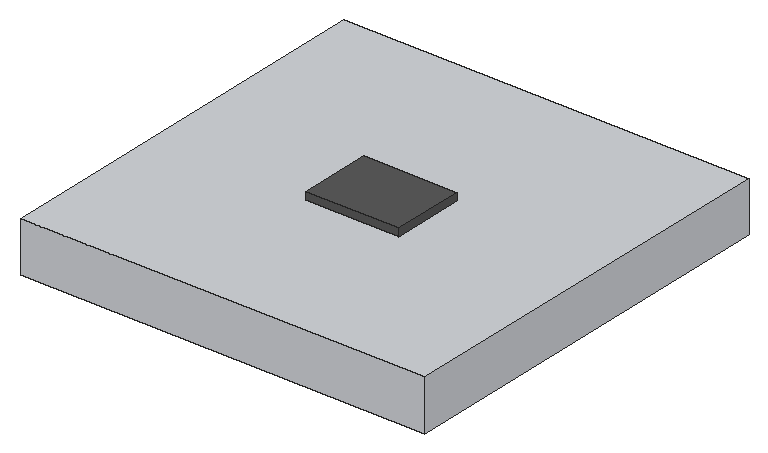
Revit family "r2018_videomax_videoserver_stoechnogo_ispolneniya", category Устройства связи, Revit 2018
Family settings
  Основа = Грань
  Сохранять ориентацию аннотаций = Да
  Размер круглого соединителя = Использовать диаметр
  Тип детали = Нормальный
  При загрузке вырезать с полостями = Нет
  Общий = Нет
  Точка расчета площади = Нет
Parameters (values of type "19” 1U (1DTS)")
  Указания по монтажу = "Параметры салазок 19” в комплекте с изделием: расстояние между профилями 605-915 мм, габариты в сложенном состоянии 710 мм"
  Тип линейки = "PRO"
  Модель = ""
  Стоимость = 0
  Default Elevation = 0 mm  # constant formula
  Минимальная глубина шкафа, мм = 1000
  Максимальное тепловыделение, BTU/h = Максимальная потребляемая мощность Вт * 3.412  # 0
  Максимальная потребляемая мощность Вт = 0
  Максимальная мощность БП, Вт = 0
  Количество интерфейсов Gigabit LAN, шт = 2
  Количество интерфейсов 10 Gigabit LAN, шт = 0
  Количество входов 230V, шт = 2
  Количество IP-камер. шт = 0
  Изображение типоразмера = 19 (1U) Short.png
  Изготовитель = "ООО «Видеомакс»"  # constant formula
  Ширина = 438 mm
  Глубина = 560 mm
  Высота в U = 1
  Высота = 44 mm
  URL = "https://www.videomax-server.ru/"
  Material = Черный
  LOD 500 [instance] = yes
  LOD 300 [instance] = yes
  Front = videomax_19pro1u : Front
  Back = videomax_19pro1u : Back
  ADSK_Этаж [instance] = ""
  ADSK_Ток = 0 A
  ADSK_Примечание [instance] = ""
  ADSK_Позиция [instance] = ""
  ADSK_Обозначение = "19\" 1U (1DTS)"
  ADSK_Номинальная мощность = 0 VA
  ADSK_Напряжение = 230 V
  ADSK_Наименование = "Видеосервер стоечного исполнения 19\" 1U (1DTS)"
  ADSK_Масса = 0
  ADSK_Марка = "VIDEOMAX-IP"  # constant formula
  ADSK_Коэффициент мощности = 0.96
  ADSK_Количество = 1  # constant formula
  ADSK_Код изделия = "ТУ 26.20.15-002-37165186-2020"  # constant formula
  ADSK_Классификация нагрузок = none
  ADSK_Завод-изготовитель = "ООО «Видеомакс»"  # constant formula
  ADSK_Единица измерения = "шт."  # constant formula
  ADSK_Версия семейства = "v3"  # constant formula
  ADSK_Версия Revit = "2018"  # constant formula
  4u4ets_300 [instance] = and([19” 4U (4ETS)], LOD 300)  # no
  4u4et_300 [instance] = and([19” 4U (4ET)], LOD 300)  # no
  4u4a_300 [instance] = and([19” 4U (4A)], LOD 300)  # no
  3s3n_300 [instance] = and([19” 3U (3S, 3N)], LOD 300)  # no
  3ets_300 [instance] = and([19” 3U (3ETS)], LOD 300)  # no
  3et_300 [instance] = and([19” 3U (3ET)], LOD 300)  # no
  2s_300 [instance] = and([19” 2U (2S)], LOD 300)  # no
  2f_300 [instance] = and([19” 2U (2F)], LOD 300)  # no
  2ets_300 [instance] = and([19” 2U (2ETS)], LOD 300)  # no
  2et_300 [instance] = and([19” 2U (2ET)], LOD 300)  # no
  1ets [instance] = and([19” 1U (1DTS)], LOD 300)  # yes
  1et [instance] = and([19” 1U (1DT)], LOD 300)  # no
  19” 4U (4ETS) = no
  19” 4U (4ET) = no
  19” 4U (4A) = no
  19” 3U (3S, 3N) = no
  19” 3U (3ETS) = no
  19” 3U (3ET) = no
  19” 2U (2S) = no
  19” 2U (2F) = no
  19” 2U (2ETS) = no
  19” 2U (2ET) = no
  19” 1U (1DTS) = yes
  19” 1U (1DT) = no
Reference planes
  plane 1 "По центру (Вперед/Назад)": y = 0
  plane 2: z = 0
  plane 3 "По центру (Влево/Вправо)": x = 0.038
  plane 4: z = 0
  plane 5: y = 219
  plane 6: x = -279.962
  plane 7: y = -219
  plane 8: x = 280.038
Forms (mm)
  Extrusion 1, solid
    sketch origin (-0.8, 20.8, 0) x (1, 0, 0) y (0, 1, 0)
      loop
        line (-1219.2, 1219.2) -> (-1219.2, -1219.2) -> (1219.2, -1219.2) -> (1219.2, 1219.2) -> (-1219.2, 1219.2)
    from 0 to -304.8
  Extrusion 2, solid, material "Черный" <- "Material", detail levels medium+fine
    sketch origin (-479.93, -78.661, 0) x (1, 0, 0) y (0, 1, 0)
      loop
        line (199.968, 297.661) -> (199.968, -140.339) -> (759.968, -140.339) -> (759.968, 297.661) -> (199.968, 297.661)
    from 0 to 44
Lines and regions (mm)
  model lines, detail levels coarse
    curve 1: line (-279.962, 219, 0) -> (280.038, 219, 0)
    curve 2: line (280.038, 219, 0) -> (280.038, -219, 0)
    curve 3: line (280.038, -219, 0) -> (-279.962, -219, 0)
    curve 4: line (-279.962, -219, 0) -> (-279.962, 219, 0)
Dimensions and locks
  equal spacing: plane 8, plane 3 "По центру (Влево/Вправо)", plane 6
  "Глубина": plane 8 to plane 6
  equal spacing: plane 5, plane 1 "По центру (Вперед/Назад)", plane 7
  "Ширина": plane 5 to plane 7
  "Высота": Extrusion 2 to Extrusion 2
  aligned and locked: plane 2 to Extrusion 1
  aligned and locked: level to Extrusion 1
  aligned and locked: plane 5 to Extrusion 2
  aligned and locked: Extrusion 2 to plane 7
  aligned and locked: Extrusion 2 to plane 8
  aligned and locked: plane 6 to Extrusion 2
  aligned and locked: plane 1 "По центру (Вперед/Назад)" to nested 1
  aligned and locked: nested 1 to level
  aligned and locked: nested 2 to plane 1 "По центру (Вперед/Назад)"
  aligned and locked: nested 2 to level
Automatic sketch dimensions
  Extrusion 1 sketch curve to Extrusion 1 sketch curve = 2438.4 mm  (x2)
  Extrusion 2 sketch curve to plane 6 = 0 mm
  plane 7 to Extrusion 2 sketch curve = 0 mm
  Extrusion 2 sketch curve to plane 8 = 0 mm
  plane 5 to Extrusion 2 sketch curve = 0 mm
  curve 3 to curve 3 = 560 mm
  curve 2 to curve 2 = 438 mm
  plane 5 to curve 4 = 0 mm
  curve 3 to plane 6 = 0 mm
  plane 7 to curve 2 = 0 mm
  curve 1 to plane 8 = 0 mm
Nested families
  nested 1: "videomax_19pro1u" at (-279.962, 0, 0) x (0, -1, 0) z (-1, 0, 0), a setting <- "Front", LOD500 <- "LOD 500", type ""
    with Right_500 no, Left_500 no, LOD500 yes, Front_500 yes, Back_500 no
  nested 2: "videomax_19pro1u" at (280.038, 0, 0) x (0, 1, 0) z (1, 0, 0), a setting <- "Back", LOD500 <- "LOD 500", type "Back"
    with Right_500 no, Left_500 no, LOD500 yes, Front_500 no, Back_500 yes
Connectors
  electrical at (0.038, 0, 0), driven by "ADSK_Напряжение", driven by "ADSK_Номинальная мощность", driven by "ADSK_Коэффициент мощности"
    settings: on Extrusion 2, index 1, voltage 230 V, apparent load 0 VA, apparent load phase1 0 VA, apparent load phase2 0 VA, apparent load phase3 0 VA, power factor 0.96, load classification "Прочее", number of poles 1, system type 30, power factor state 0, is connector primary yes, connector utility yes, sub classification motor no, connector description ""
Definition of nested family "videomax_19pro1u"
  Parameters (values of type "Back")
    Default Elevation = 1219.2 mm
    Right_500 [instance] = and(Right, LOD500)  # no
    Right = no
    Left_500 [instance] = and(Left, LOD500)  # no
    Left = no
    LOD500 [instance] = yes
    Front_500 [instance] = and(Front, LOD500)  # no
    Front = no
    Back_500 [instance] = and(Back, LOD500)  # yes
    Back = yes
  Types (2, lengths in mm): name | Front_500 | Front | Back_500 | Back
    Front | yes | yes | no | no
    Back | no | no | yes | yes
  Reference planes
    plane 1 "По центру (Вперед/Назад)": y = 0
    plane 2: z = 0
    plane 3 "По центру (Влево/Вправо)": x = 0
  Lines and regions (mm)
    model lines, visible <- "Left_500", detail levels fine
      curve 1: line (-127.342, 1355.336, 0) -> (-687.306, 1355.336, 0)
      curve 2: line (-687.306, 1355.336, 0) -> (-687.306, 1267.336, 0)
      curve 3: line (-687.306, 1267.336, 0) -> (-127.342, 1267.336, 0)
      curve 4: line (-129.342, 1267.336, 0) -> (-129.342, 1355.336, 0)
      curve 5: line (-127.342, 1267.336, 0) -> (-127.342, 1355.336, 0)
    model lines, visible <- "Right_500", detail levels fine
      curve 6: line (647.531, 1355.336, 0) -> (1207.495, 1355.336, 0)
      curve 7: line (1207.495, 1355.336, 0) -> (1207.495, 1267.336, 0)
      curve 8: line (1207.495, 1267.336, 0) -> (647.531, 1267.336, 0)
      curve 9: line (649.53, 1267.336, 0) -> (649.53, 1355.336, 0)
      curve 10: line (647.531, 1267.336, 0) -> (647.531, 1355.336, 0)
    model lines, visible <- "Back_500", detail levels fine
      curve 11: circle (-90.127, 34.522, 0) r 1.91 normal (0, 0, 1)
      curve 12: circle (-86.013, 31.256, 0) r 1.91 normal (0, 0, 1)
      curve 13: circle (-90.127, 27.86, 0) r 1.91 normal (0, 0, 1)
      curve 14: circle (-90.127, 20.72, 0) r 1.91 normal (0, 0, 1)
      curve 15: circle (-86.013, 24.116, 0) r 1.91 normal (0, 0, 1)
      curve 16: circle (-81.9, 34.617, 0) r 1.91 normal (0, 0, 1)
      curve 17: circle (-81.9, 27.954, 0) r 1.91 normal (0, 0, 1)
      curve 18: circle (-81.9, 20.815, 0) r 1.91 normal (0, 0, 1)
      curve 19: circle (-77.786, 31.35, 0) r 1.91 normal (0, 0, 1)
      curve 20: circle (-77.786, 24.21, 0) r 1.91 normal (0, 0, 1)
      curve 21: circle (-73.672, 34.711, 0) r 1.91 normal (0, 0, 1)
      curve 22: circle (-73.672, 28.048, 0) r 1.91 normal (0, 0, 1)
      curve 23: circle (-73.672, 20.909, 0) r 1.91 normal (0, 0, 1)
      curve 24: circle (-69.559, 31.35, 0) r 1.91 normal (0, 0, 1)
      curve 25: circle (-69.559, 24.21, 0) r 1.91 normal (0, 0, 1)
      curve 26: circle (-65.445, 34.711, 0) r 1.91 normal (0, 0, 1)
      curve 27: circle (-65.445, 28.048, 0) r 1.91 normal (0, 0, 1)
      curve 28: circle (-65.445, 20.909, 0) r 1.91 normal (0, 0, 1)
      curve 29: circle (-61.331, 31.303, 0) r 1.91 normal (0, 0, 1)
      curve 30: circle (-61.331, 24.163, 0) r 1.91 normal (0, 0, 1)
      curve 31: circle (-57.217, 34.664, 0) r 1.91 normal (0, 0, 1)
      curve 32: circle (-57.217, 28.001, 0) r 1.91 normal (0, 0, 1)
      curve 33: circle (-57.217, 20.862, 0) r 1.91 normal (0, 0, 1)
      curve 34: circle (-53.104, 31.256, 0) r 1.91 normal (0, 0, 1)
      curve 35: circle (-53.104, 24.116, 0) r 1.91 normal (0, 0, 1)
      curve 36: circle (-48.99, 34.617, 0) r 1.91 normal (0, 0, 1)
      curve 37: circle (-48.99, 27.954, 0) r 1.91 normal (0, 0, 1)
      curve 38: circle (-48.99, 20.815, 0) r 1.91 normal (0, 0, 1)
      curve 39: circle (-44.876, 31.35, 0) r 1.91 normal (0, 0, 1)
      curve 40: circle (-44.876, 24.21, 0) r 1.91 normal (0, 0, 1)
      curve 41: circle (-40.762, 34.711, 0) r 1.91 normal (0, 0, 1)
      curve 42: circle (-40.762, 28.048, 0) r 1.91 normal (0, 0, 1)
      curve 43: circle (-40.762, 20.909, 0) r 1.91 normal (0, 0, 1)
      curve 44: circle (-36.649, 31.35, 0) r 1.91 normal (0, 0, 1)
      curve 45: circle (-36.649, 24.21, 0) r 1.91 normal (0, 0, 1)
      curve 46: circle (-32.535, 34.711, 0) r 1.91 normal (0, 0, 1)
      curve 47: circle (-32.535, 28.048, 0) r 1.91 normal (0, 0, 1)
      curve 48: circle (-32.535, 20.909, 0) r 1.91 normal (0, 0, 1)
      curve 49: circle (-28.421, 31.303, 0) r 1.91 normal (0, 0, 1)
      curve 50: circle (-28.421, 24.163, 0) r 1.91 normal (0, 0, 1)
      curve 51: circle (-24.307, 34.664, 0) r 1.91 normal (0, 0, 1)
      curve 52: circle (-24.307, 28.001, 0) r 1.91 normal (0, 0, 1)
      curve 53: circle (-24.307, 20.862, 0) r 1.91 normal (0, 0, 1)
      curve 54: circle (11.903, 34.664, 0) r 1.91 normal (0, 0, 1)
      curve 55: circle (11.903, 28.001, 0) r 1.91 normal (0, 0, 1)
      curve 56: circle (16.017, 31.397, 0) r 1.91 normal (0, 0, 1)
      curve 57: circle (20.131, 34.758, 0) r 1.91 normal (0, 0, 1)
      curve 58: circle (20.131, 28.096, 0) r 1.91 normal (0, 0, 1)
      curve 59: circle (24.244, 31.491, 0) r 1.91 normal (0, 0, 1)
      curve 60: circle (28.358, 34.852, 0) r 1.91 normal (0, 0, 1)
      curve 61: circle (28.358, 28.19, 0) r 1.91 normal (0, 0, 1)
      curve 62: circle (32.472, 31.491, 0) r 1.91 normal (0, 0, 1)
      curve 63: circle (36.586, 34.852, 0) r 1.91 normal (0, 0, 1)
      curve 64: circle (36.586, 28.19, 0) r 1.91 normal (0, 0, 1)
      curve 65: circle (40.699, 31.444, 0) r 1.91 normal (0, 0, 1)
      curve 66: circle (44.813, 34.805, 0) r 1.91 normal (0, 0, 1)
      curve 67: circle (44.813, 28.143, 0) r 1.91 normal (0, 0, 1)
      curve 68: circle (48.927, 31.397, 0) r 1.91 normal (0, 0, 1)
      curve 69: circle (53.041, 34.758, 0) r 1.91 normal (0, 0, 1)
      curve 70: circle (53.041, 28.096, 0) r 1.91 normal (0, 0, 1)
      curve 71: circle (57.154, 31.491, 0) r 1.91 normal (0, 0, 1)
      curve 72: circle (61.268, 34.852, 0) r 1.91 normal (0, 0, 1)
      curve 73: circle (61.268, 28.19, 0) r 1.91 normal (0, 0, 1)
      curve 74: circle (101.34, 28.012, 0) r 1.924 normal (0, 0, 1)
      curve 75: circle (105.368, 24.569, 0) r 1.924 normal (0, 0, 1)
      curve 76: circle (109.397, 27.965, 0) r 1.924 normal (0, 0, 1)
      curve 77: circle (113.425, 24.758, 0) r 1.924 normal (0, 0, 1)
      curve 78: circle (117.454, 28.154, 0) r 1.924 normal (0, 0, 1)
      curve 79: circle (121.482, 24.947, 0) r 1.924 normal (0, 0, 1)
      curve 80: circle (125.511, 28.06, 0) r 1.924 normal (0, 0, 1)
      curve 81: circle (129.539, 24.852, 0) r 1.924 normal (0, 0, 1)
      curve 82: circle (133.568, 28.201, 0) r 1.924 normal (0, 0, 1)
      curve 83: circle (137.596, 24.994, 0) r 1.924 normal (0, 0, 1)
      curve 84: circle (141.625, 27.965, 0) r 1.924 normal (0, 0, 1)
      curve 85: circle (145.653, 24.758, 0) r 1.924 normal (0, 0, 1)
      curve 86: circle (149.682, 28.154, 0) r 1.924 normal (0, 0, 1)
      curve 87: circle (153.71, 24.947, 0) r 1.924 normal (0, 0, 1)
      curve 88: circle (157.739, 28.06, 0) r 1.924 normal (0, 0, 1)
      curve 89: circle (161.767, 24.852, 0) r 1.924 normal (0, 0, 1)
      curve 90: circle (165.796, 27.965, 0) r 1.924 normal (0, 0, 1)
      curve 91: circle (169.824, 24.758, 0) r 1.924 normal (0, 0, 1)
      curve 92: circle (173.853, 28.154, 0) r 1.924 normal (0, 0, 1)
      curve 93: circle (177.881, 24.947, 0) r 1.924 normal (0, 0, 1)
      curve 94: circle (181.91, 28.248, 0) r 1.924 normal (0, 0, 1)
      curve 95: circle (98.311, 13.606, 0) r 1.91 normal (0, 0, 1)
      curve 96: circle (98.311, 6.943, 0) r 1.91 normal (0, 0, 1)
      curve 97: circle (102.424, 10.339, 0) r 1.91 normal (0, 0, 1)
      curve 98: circle (106.538, 13.7, 0) r 1.91 normal (0, 0, 1)
      curve 99: circle (106.538, 7.038, 0) r 1.91 normal (0, 0, 1)
      curve 100: circle (110.652, 10.433, 0) r 1.91 normal (0, 0, 1)
      curve 101: circle (114.766, 13.7, 0) r 1.91 normal (0, 0, 1)
      curve 102: circle (114.766, 7.038, 0) r 1.91 normal (0, 0, 1)
      curve 103: circle (118.879, 10.433, 0) r 1.91 normal (0, 0, 1)
      curve 104: circle (122.993, 13.794, 0) r 1.91 normal (0, 0, 1)
      curve 105: circle (122.993, 7.132, 0) r 1.91 normal (0, 0, 1)
      curve 106: circle (127.107, 10.528, 0) r 1.91 normal (0, 0, 1)
      curve 107: circle (131.221, 13.606, 0) r 1.91 normal (0, 0, 1)
      curve 108: circle (131.221, 6.943, 0) r 1.91 normal (0, 0, 1)
      curve 109: circle (135.334, 10.339, 0) r 1.91 normal (0, 0, 1)
      curve 110: circle (139.448, 13.7, 0) r 1.91 normal (0, 0, 1)
      curve 111: circle (139.448, 7.038, 0) r 1.91 normal (0, 0, 1)
      curve 112: circle (143.562, 10.433, 0) r 1.91 normal (0, 0, 1)
      curve 113: circle (147.675, 13.7, 0) r 1.91 normal (0, 0, 1)
      curve 114: circle (147.675, 7.038, 0) r 1.91 normal (0, 0, 1)
      curve 115: circle (151.789, 10.433, 0) r 1.91 normal (0, 0, 1)
      curve 116: circle (155.903, 13.794, 0) r 1.91 normal (0, 0, 1)
      curve 117: circle (155.903, 7.132, 0) r 1.91 normal (0, 0, 1)
      curve 118: circle (160.016, 10.528, 0) r 1.91 normal (0, 0, 1)
      curve 119: circle (164.13, 13.7, 0) r 1.91 normal (0, 0, 1)
      curve 120: circle (164.13, 7.038, 0) r 1.91 normal (0, 0, 1)
      curve 121: circle (168.244, 10.433, 0) r 1.91 normal (0, 0, 1)
      curve 122: circle (172.358, 13.794, 0) r 1.91 normal (0, 0, 1)
      curve 123: circle (172.358, 7.132, 0) r 1.91 normal (0, 0, 1)
      curve 124: circle (176.471, 10.528, 0) r 1.91 normal (0, 0, 1)
      curve 125: circle (180.585, 13.653, 0) r 1.91 normal (0, 0, 1)
      curve 126: circle (180.585, 6.99, 0) r 1.91 normal (0, 0, 1)
      curve 127: circle (184.699, 10.386, 0) r 1.91 normal (0, 0, 1)
      curve 128: circle (188.813, 13.747, 0) r 1.91 normal (0, 0, 1)
      curve 129: circle (188.813, 7.085, 0) r 1.91 normal (0, 0, 1)
      curve 130: circle (192.926, 10.481, 0) r 1.91 normal (0, 0, 1)
      curve 131: circle (197.04, 13.7, 0) r 1.91 normal (0, 0, 1)
      curve 132: circle (197.04, 7.038, 0) r 1.91 normal (0, 0, 1)
      curve 133: circle (201.154, 10.433, 0) r 1.91 normal (0, 0, 1)
      curve 134: circle (205.268, 13.794, 0) r 1.91 normal (0, 0, 1)
      curve 135: circle (205.268, 7.132, 0) r 1.91 normal (0, 0, 1)
      curve 136: circle (209.381, 10.528, 0) r 1.91 normal (0, 0, 1)
      curve 137: circle (213.495, 13.653, 0) r 1.91 normal (0, 0, 1)
      curve 138: circle (213.495, 6.99, 0) r 1.91 normal (0, 0, 1)
      curve 139: circle (209.48, 17.419, 0) r 1.91 normal (0, 0, 1)
      curve 140: circle (212.687, 21.533, 0) r 1.91 normal (0, 0, 1)
      curve 141: circle (209.291, 25.646, 0) r 1.91 normal (0, 0, 1)
      curve 142: circle (206.024, 21.533, 0) r 1.91 normal (0, 0, 1)
      curve 143: circle (-78.638, 9.239, 0) r 1.743 normal (0, 0, 1)
      curve 144: circle (-56.377, 9.239, 0) r 1.743 normal (0, 0, 1)
      curve 145: circle (-44.348, 9.239, 0) r 1.743 normal (0, 0, 1)
      curve 146: circle (-22.087, 9.239, 0) r 1.743 normal (0, 0, 1)
      curve 147: arc (-60.717, 12.758, 0) -> (-60.203, 12.397, 0) -> (-60.179, 11.769, 0) r 0.707
      curve 148: arc (-60.83, 6.525, 0) -> (-61.172, 5.912, 0) -> (-61.846, 5.719, 0) r 0.92
      curve 149: arc (-73.013, 5.719, 0) -> (-73.622, 5.995, 0) -> (-73.924, 6.591, 0) r 1.008
      curve 150: arc (-74.838, 11.649, 0) -> (-74.741, 12.422, 0) -> (-74.038, 12.758, 0) r 0.812
      curve 151: arc (-26.428, 12.758, 0) -> (-25.914, 12.397, 0) -> (-25.89, 11.769, 0) r 0.707
      curve 152: arc (-26.54, 6.525, 0) -> (-26.882, 5.912, 0) -> (-27.557, 5.719, 0) r 0.92
      curve 153: arc (-38.724, 5.719, 0) -> (-39.332, 5.995, 0) -> (-39.634, 6.591, 0) r 1.008
      curve 154: arc (-40.548, 11.649, 0) -> (-40.452, 12.422, 0) -> (-39.749, 12.758, 0) r 0.812
      curve 155: circle (-213.875, 18.447, 0) r 3.066 normal (0, 0, 1)
      curve 156: arc (-189.505, 37.888, 0) -> (-186.464, 40.972, 0) -> (-183.423, 37.888, 0) r 3.041
      curve 157: arc (-183.423, 4.869, 0) -> (-186.464, 1.955, 0) -> (-189.505, 4.869, 0) r 3.044
      curve 158: arc (-202.019, 31.523, 0) -> (-203.809, 15.817, 0) -> (-189.505, 9.087, 0) r 13.561
      curve 159: arc (-197.659, 27.163, 0) -> (-198.049, 18.193, 0) -> (-189.505, 15.434, 0) r 7.409
      curve 160: arc (-199.175, 28.678, 0) -> (-200.06, 17.366, 0) -> (-189.505, 13.2, 0) r 9.545
      curve 161: arc (-200.048, 29.551, 0) -> (-201.214, 16.889, 0) -> (-189.505, 11.93, 0) r 10.777
      curve 162: arc (-189.505, 32.915, 0) -> (-194.593, 32.874, 0) -> (-199.096, 30.504, 0) r 10.777
      curve 163: arc (-182.864, 32.475, 0) -> (-183.14, 32.719, 0) -> (-183.423, 32.955, 0) r 13.561
      curve 164: arc (-183.423, 15.851, 0) -> (-181.188, 22.423, 0) -> (-183.423, 28.994, 0) r 10.777
      curve 165: arc (-181.912, 13.322, 0) -> (-181.472, 13.833, 0) -> (-181.058, 14.365, 0) r 13.561
      curve 166: arc (-183.423, 18.164, 0) -> (-182.421, 22.423, 0) -> (-183.423, 26.681, 0) r 9.545
      curve 167: arc (-189.505, 29.411, 0) -> (-193.277, 29.714, 0) -> (-196.707, 28.115, 0) r 7.409
      curve 168: arc (-183.423, 11.891, 0) -> (-183.14, 12.126, 0) -> (-182.864, 12.37, 0) r 13.561
      curve 169: arc (-189.505, 31.645, 0) -> (-194.114, 31.722, 0) -> (-198.222, 29.63, 0) r 9.545
      curve 170: arc (-189.505, 35.758, 0) -> (-195.67, 35.468, 0) -> (-201.067, 32.475, 0) r 13.561
      curve 171: arc (-181.058, 30.48, 0) -> (-181.472, 31.012, 0) -> (-181.912, 31.523, 0) r 13.561
      curve 172: arc (-181.058, 30.48, 0) -> (-180.394, 32.221, 0) -> (-178.722, 33.045, 0) r 2.549
      curve 173: arc (-160.016, 33.045, 0) -> (-158.063, 32.376, 0) -> (-157.246, 30.48, 0) r 2.55
      curve 174: arc (-157.246, 4.695, 0) -> (-157.878, 2.698, 0) -> (-159.786, 1.83, 0) r 2.577
      curve 175: arc (-178.485, 1.83, 0) -> (-180.413, 2.686, 0) -> (-181.058, 4.695, 0) r 2.581
      curve 176: arc (-172.846, 5.285, 0) -> (-171.966, 4.626, 0) -> (-170.882, 4.448, 0) r 2.308
      curve 177: arc (-161.361, 4.448, 0) -> (-160.397, 4.742, 0) -> (-160.104, 5.705, 0) r 1.072
      curve 178: arc (-160.104, 29.465, 0) -> (-160.395, 30.14, 0) -> (-161.071, 30.432, 0) r 0.997
      curve 179: arc (-171.324, 30.432, 0) -> (-172.148, 30.202, 0) -> (-172.803, 29.653, 0) r 2.028
      curve 180: arc (-135.715, 37.888, 0) -> (-132.674, 40.972, 0) -> (-129.633, 37.888, 0) r 3.041
      curve 181: arc (-129.633, 4.869, 0) -> (-132.674, 1.955, 0) -> (-135.715, 4.869, 0) r 3.044
      curve 182: arc (-148.229, 31.523, 0) -> (-150.018, 15.817, 0) -> (-135.715, 9.087, 0) r 13.561
      curve 183: arc (-129.633, 11.891, 0) -> (-129.35, 12.126, 0) -> (-129.074, 12.37, 0) r 13.561
      curve 184: arc (-128.121, 13.322, 0) -> (-127.682, 13.833, 0) -> (-127.268, 14.365, 0) r 13.561
      curve 185: arc (-127.268, 30.48, 0) -> (-127.682, 31.012, 0) -> (-128.121, 31.523, 0) r 13.561
      curve 186: arc (-129.074, 32.475, 0) -> (-129.35, 32.719, 0) -> (-129.633, 32.955, 0) r 13.561
      curve 187: arc (-135.715, 35.758, 0) -> (-141.88, 35.468, 0) -> (-147.277, 32.475, 0) r 13.561
      curve 188: arc (-143.869, 27.163, 0) -> (-144.259, 18.193, 0) -> (-135.715, 15.434, 0) r 7.409
      curve 189: arc (-135.715, 29.411, 0) -> (-139.487, 29.714, 0) -> (-142.917, 28.115, 0) r 7.409
      curve 190: arc (-145.384, 28.678, 0) -> (-146.27, 17.366, 0) -> (-135.715, 13.2, 0) r 9.545
      curve 191: arc (-129.633, 18.164, 0) -> (-128.631, 22.423, 0) -> (-129.633, 26.681, 0) r 9.545
      curve 192: arc (-135.715, 31.645, 0) -> (-140.324, 31.722, 0) -> (-144.432, 29.63, 0) r 9.545
      curve 193: arc (-146.258, 29.551, 0) -> (-147.424, 16.889, 0) -> (-135.715, 11.93, 0) r 10.777
      curve 194: arc (-129.633, 15.851, 0) -> (-127.398, 22.423, 0) -> (-129.633, 28.994, 0) r 10.777
      curve 195: arc (-135.715, 32.915, 0) -> (-140.803, 32.874, 0) -> (-145.306, 30.504, 0) r 10.777
      curve 196: arc (-127.268, 30.48, 0) -> (-126.604, 32.221, 0) -> (-124.932, 33.045, 0) r 2.549
      curve 197: arc (-106.226, 33.045, 0) -> (-104.273, 32.376, 0) -> (-103.456, 30.48, 0) r 2.55
      curve 198: arc (-103.456, 4.695, 0) -> (-104.088, 2.698, 0) -> (-105.996, 1.83, 0) r 2.577
      curve 199: arc (-124.695, 1.83, 0) -> (-126.623, 2.686, 0) -> (-127.268, 4.695, 0) r 2.581
      curve 200: arc (-119.056, 5.285, 0) -> (-118.176, 4.626, 0) -> (-117.091, 4.448, 0) r 2.308
      curve 201: arc (-107.571, 4.448, 0) -> (-106.607, 4.742, 0) -> (-106.313, 5.705, 0) r 1.072
      curve 202: arc (-106.313, 29.465, 0) -> (-106.605, 30.14, 0) -> (-107.28, 30.432, 0) r 0.997
      curve 203: arc (-117.534, 30.432, 0) -> (-118.358, 30.202, 0) -> (-119.013, 29.653, 0) r 2.028
      curve 308: line (-74.038, 12.758, 0) -> (-60.717, 12.758, 0)
      curve 309: line (-60.179, 11.769, 0) -> (-60.83, 6.525, 0)
      curve 310: line (-61.846, 5.719, 0) -> (-73.013, 5.719, 0)
      curve 311: line (-73.924, 6.591, 0) -> (-74.838, 11.649, 0)
      curve 312: line (-39.749, 12.758, 0) -> (-26.428, 12.758, 0)
      curve 313: line (-25.89, 11.769, 0) -> (-26.54, 6.525, 0)
      curve 314: line (-27.557, 5.719, 0) -> (-38.724, 5.719, 0)
      curve 315: line (-39.634, 6.591, 0) -> (-40.548, 11.649, 0)
      curve 316: line (-12.589, 33.259, 0) -> (-7.926, 33.259, 0)
      curve 317: line (-7.926, 33.259, 0) -> (-7.926, 34.745, 0)
      curve 318: line (-7.926, 34.745, 0) -> (-1.906, 34.745, 0)
      curve 319: line (-1.906, 34.745, 0) -> (-1.906, 33.259, 0)
      curve 320: line (-1.906, 33.259, 0) -> (2.881, 33.259, 0)
      curve 321: line (2.881, 33.259, 0) -> (2.881, 24.691, 0)
      curve 322: line (2.881, 24.691, 0) -> (-12.589, 24.691, 0)
      curve 323: line (-12.589, 24.691, 0) -> (-12.589, 33.259, 0)
      curve 324: line (8.485, 8.392, 0) -> (13.148, 8.392, 0)
      curve 325: line (13.148, 8.392, 0) -> (13.148, 6.906, 0)
      curve 326: line (13.148, 6.906, 0) -> (19.168, 6.906, 0)
      curve 327: line (19.168, 6.906, 0) -> (19.168, 8.392, 0)
      curve 328: line (19.168, 8.392, 0) -> (23.955, 8.392, 0)
      curve 329: line (23.955, 8.392, 0) -> (23.955, 16.96, 0)
      curve 330: line (23.955, 16.96, 0) -> (8.485, 16.96, 0)
      curve 331: line (8.485, 16.96, 0) -> (8.485, 8.392, 0)
      curve 332: line (28.763, 8.392, 0) -> (33.426, 8.392, 0)
      curve 333: line (33.426, 8.392, 0) -> (33.426, 6.906, 0)
      curve 334: line (33.426, 6.906, 0) -> (39.446, 6.906, 0)
      curve 335: line (39.446, 6.906, 0) -> (39.446, 8.392, 0)
      curve 336: line (39.446, 8.392, 0) -> (44.233, 8.392, 0)
      curve 337: line (44.233, 8.392, 0) -> (44.233, 16.96, 0)
      curve 338: line (44.233, 16.96, 0) -> (28.763, 16.96, 0)
      curve 339: line (28.763, 16.96, 0) -> (28.763, 8.392, 0)
      curve 340: line (-11.889, 21.651, 0) -> (2.18, 21.651, 0)
      curve 341: line (2.18, 21.651, 0) -> (2.18, 15.377, 0)
      curve 342: line (2.18, 15.377, 0) -> (-11.889, 15.377, 0)
      curve 343: line (-11.889, 15.377, 0) -> (-11.889, 21.651, 0)
      curve 344: line (-11.889, 12.969, 0) -> (2.18, 12.969, 0)
      curve 345: line (2.18, 12.969, 0) -> (2.18, 6.695, 0)
      curve 346: line (2.18, 6.695, 0) -> (-11.889, 6.695, 0)
      curve 347: line (-11.889, 6.695, 0) -> (-11.889, 12.969, 0)
      curve 348: line (-9.797, 19.243, 0) -> (0.089, 19.243, 0)
      curve 349: line (-9.797, 10.561, 0) -> (0.089, 10.561, 0)
      curve 350: line (-183.423, 37.888, 0) -> (-183.423, 4.869, 0)
      curve 351: line (-189.505, 4.869, 0) -> (-189.505, 37.888, 0)
      curve 352: line (-201.067, 32.475, 0) -> (-199.096, 30.504, 0)
      curve 353: line (-202.019, 31.523, 0) -> (-200.048, 29.551, 0)
      curve 354: line (-199.175, 28.678, 0) -> (-197.659, 27.163, 0)
      curve 355: line (-198.222, 29.63, 0) -> (-196.707, 28.115, 0)
      curve 356: line (-201.067, 12.37, 0) -> (-199.096, 14.341, 0)
      curve 357: line (-198.222, 15.215, 0) -> (-196.707, 16.73, 0)
      curve 358: line (-202.019, 13.322, 0) -> (-200.048, 15.294, 0)
      curve 359: line (-199.175, 16.167, 0) -> (-197.659, 17.682, 0)
      curve 360: line (-182.864, 32.475, 0) -> (-183.423, 31.916, 0)
      curve 361: line (-181.912, 31.523, 0) -> (-183.423, 30.011, 0)
      curve 362: line (-182.864, 12.37, 0) -> (-183.423, 12.93, 0)
      curve 363: line (-181.912, 13.322, 0) -> (-183.423, 14.834, 0)
      curve 364: line (-178.722, 33.045, 0) -> (-160.016, 33.045, 0)
      curve 365: line (-157.246, 30.48, 0) -> (-157.246, 4.695, 0)
      curve 366: line (-159.786, 1.83, 0) -> (-178.485, 1.83, 0)
      curve 367: line (-181.058, 4.695, 0) -> (-181.058, 30.48, 0)
      curve 368: line (-168.243, 23.868, 0) -> (-165.862, 23.868, 0)
      curve 369: line (-165.862, 23.868, 0) -> (-165.862, 25.094, 0)
      curve 370: line (-165.862, 25.094, 0) -> (-168.243, 25.094, 0)
      curve 371: line (-168.243, 25.094, 0) -> (-168.243, 23.868, 0)
      curve 372: line (-172.394, 16.829, 0) -> (-170.012, 16.829, 0)
      curve 373: line (-170.012, 16.829, 0) -> (-170.012, 18.055, 0)
      curve 374: line (-170.012, 18.055, 0) -> (-172.394, 18.055, 0)
      curve 375: line (-172.394, 18.055, 0) -> (-172.394, 16.829, 0)
      curve 376: line (-168.243, 9.789, 0) -> (-165.862, 9.789, 0)
      curve 377: line (-165.862, 9.789, 0) -> (-165.862, 11.016, 0)
      curve 378: line (-165.862, 11.016, 0) -> (-168.243, 11.016, 0)
      curve 379: line (-168.243, 11.016, 0) -> (-168.243, 9.789, 0)
      curve 380: line (-170.882, 4.448, 0) -> (-161.361, 4.448, 0)
      curve 381: line (-160.104, 5.705, 0) -> (-160.104, 29.465, 0)
      curve 382: line (-161.071, 30.432, 0) -> (-171.324, 30.432, 0)
      curve 383: line (-172.803, 29.653, 0) -> (-177.218, 24.568, 0)
      curve 384: line (-177.218, 24.568, 0) -> (-177.218, 9.331, 0)
      curve 385: line (-177.218, 9.331, 0) -> (-172.846, 5.285, 0)
      curve 386: line (-129.633, 37.888, 0) -> (-129.633, 4.869, 0)
      curve 387: line (-135.715, 4.869, 0) -> (-135.715, 37.888, 0)
      curve 388: line (-147.277, 32.475, 0) -> (-145.306, 30.504, 0)
      curve 389: line (-144.432, 29.63, 0) -> (-142.917, 28.115, 0)
      curve 390: line (-148.229, 31.523, 0) -> (-146.258, 29.551, 0)
      curve 391: line (-145.384, 28.678, 0) -> (-143.869, 27.163, 0)
      curve 392: line (-147.277, 12.37, 0) -> (-145.306, 14.341, 0)
      curve 393: line (-144.432, 15.215, 0) -> (-142.917, 16.73, 0)
      curve 394: line (-148.229, 13.322, 0) -> (-146.258, 15.294, 0)
      curve 395: line (-145.384, 16.167, 0) -> (-143.869, 17.682, 0)
      curve 396: line (-129.074, 32.475, 0) -> (-129.633, 31.916, 0)
      curve 397: line (-128.121, 31.523, 0) -> (-129.633, 30.011, 0)
      curve 398: line (-129.074, 12.37, 0) -> (-129.633, 12.93, 0)
      curve 399: line (-128.121, 13.322, 0) -> (-129.633, 14.834, 0)
      curve 400: line (-124.932, 33.045, 0) -> (-106.226, 33.045, 0)
      curve 401: line (-103.456, 30.48, 0) -> (-103.456, 4.695, 0)
      curve 402: line (-105.996, 1.83, 0) -> (-124.695, 1.83, 0)
      curve 403: line (-127.268, 4.695, 0) -> (-127.268, 30.48, 0)
      curve 404: line (-114.453, 23.868, 0) -> (-112.072, 23.868, 0)
      curve 405: line (-112.072, 23.868, 0) -> (-112.072, 25.094, 0)
      curve 406: line (-112.072, 25.094, 0) -> (-114.453, 25.094, 0)
      curve 407: line (-114.453, 25.094, 0) -> (-114.453, 23.868, 0)
      curve 408: line (-118.603, 16.829, 0) -> (-116.222, 16.829, 0)
      curve 409: line (-116.222, 16.829, 0) -> (-116.222, 18.055, 0)
      curve 410: line (-116.222, 18.055, 0) -> (-118.603, 18.055, 0)
      curve 411: line (-118.603, 18.055, 0) -> (-118.603, 16.829, 0)
      curve 412: line (-114.453, 9.789, 0) -> (-112.072, 9.789, 0)
      curve 413: line (-112.072, 9.789, 0) -> (-112.072, 11.016, 0)
      curve 414: line (-112.072, 11.016, 0) -> (-114.453, 11.016, 0)
      curve 415: line (-114.453, 11.016, 0) -> (-114.453, 9.789, 0)
      curve 416: line (-117.091, 4.448, 0) -> (-107.571, 4.448, 0)
      curve 417: line (-106.313, 5.705, 0) -> (-106.313, 29.465, 0)
      curve 418: line (-107.28, 30.432, 0) -> (-117.534, 30.432, 0)
      curve 419: line (-119.013, 29.653, 0) -> (-123.428, 24.568, 0)
      curve 420: line (-123.428, 24.568, 0) -> (-123.428, 9.331, 0)
      curve 421: line (-123.428, 9.331, 0) -> (-119.056, 5.285, 0)
      curve 1018: circle (233.134, 148.716, 0) r 1.91 normal (0, 0, 1)
      curve 1019: circle (237.247, 145.449, 0) r 1.91 normal (0, 0, 1)
      curve 1020: circle (233.134, 142.053, 0) r 1.91 normal (0, 0, 1)
      curve 1021: circle (233.134, 134.914, 0) r 1.91 normal (0, 0, 1)
      curve 1022: circle (237.247, 138.309, 0) r 1.91 normal (0, 0, 1)
      curve 1023: circle (241.361, 148.81, 0) r 1.91 normal (0, 0, 1)
      curve 1024: circle (241.361, 142.148, 0) r 1.91 normal (0, 0, 1)
      curve 1025: circle (241.361, 135.008, 0) r 1.91 normal (0, 0, 1)
      curve 1026: circle (245.475, 145.543, 0) r 1.91 normal (0, 0, 1)
      curve 1027: circle (245.475, 138.404, 0) r 1.91 normal (0, 0, 1)
      curve 1028: circle (249.588, 148.904, 0) r 1.91 normal (0, 0, 1)
      curve 1029: circle (249.588, 142.242, 0) r 1.91 normal (0, 0, 1)
      curve 1030: circle (249.588, 135.102, 0) r 1.91 normal (0, 0, 1)
      curve 1031: circle (253.702, 145.543, 0) r 1.91 normal (0, 0, 1)
      curve 1032: circle (253.702, 138.404, 0) r 1.91 normal (0, 0, 1)
      curve 1033: circle (257.816, 148.904, 0) r 1.91 normal (0, 0, 1)
      curve 1034: circle (257.816, 142.242, 0) r 1.91 normal (0, 0, 1)
      curve 1035: circle (257.816, 135.102, 0) r 1.91 normal (0, 0, 1)
      curve 1036: circle (261.93, 145.496, 0) r 1.91 normal (0, 0, 1)
      curve 1037: circle (261.93, 138.357, 0) r 1.91 normal (0, 0, 1)
      curve 1038: circle (266.043, 148.857, 0) r 1.91 normal (0, 0, 1)
      curve 1039: circle (266.043, 142.195, 0) r 1.91 normal (0, 0, 1)
      curve 1040: circle (266.043, 135.055, 0) r 1.91 normal (0, 0, 1)
      curve 1041: circle (270.157, 145.449, 0) r 1.91 normal (0, 0, 1)
      curve 1042: circle (270.157, 138.309, 0) r 1.91 normal (0, 0, 1)
      curve 1043: circle (274.271, 148.81, 0) r 1.91 normal (0, 0, 1)
      curve 1044: circle (274.271, 142.148, 0) r 1.91 normal (0, 0, 1)
      curve 1045: circle (274.271, 135.008, 0) r 1.91 normal (0, 0, 1)
      curve 1046: circle (278.385, 145.543, 0) r 1.91 normal (0, 0, 1)
      curve 1047: circle (278.385, 138.404, 0) r 1.91 normal (0, 0, 1)
      curve 1048: circle (282.498, 148.904, 0) r 1.91 normal (0, 0, 1)
      curve 1049: circle (282.498, 142.242, 0) r 1.91 normal (0, 0, 1)
      curve 1050: circle (282.498, 135.102, 0) r 1.91 normal (0, 0, 1)
      curve 1051: circle (286.612, 145.543, 0) r 1.91 normal (0, 0, 1)
      curve 1052: circle (286.612, 138.404, 0) r 1.91 normal (0, 0, 1)
      curve 1053: circle (290.726, 148.904, 0) r 1.91 normal (0, 0, 1)
      curve 1054: circle (290.726, 142.242, 0) r 1.91 normal (0, 0, 1)
      curve 1055: circle (290.726, 135.102, 0) r 1.91 normal (0, 0, 1)
      curve 1056: circle (294.84, 145.496, 0) r 1.91 normal (0, 0, 1)
      curve 1057: circle (294.84, 138.357, 0) r 1.91 normal (0, 0, 1)
      curve 1058: circle (298.953, 148.857, 0) r 1.91 normal (0, 0, 1)
      curve 1059: circle (298.953, 142.195, 0) r 1.91 normal (0, 0, 1)
      curve 1060: circle (298.953, 135.055, 0) r 1.91 normal (0, 0, 1)
      curve 1061: circle (335.164, 148.857, 0) r 1.91 normal (0, 0, 1)
      curve 1062: circle (335.164, 142.195, 0) r 1.91 normal (0, 0, 1)
      curve 1063: circle (339.278, 145.591, 0) r 1.91 normal (0, 0, 1)
      curve 1064: circle (343.391, 148.951, 0) r 1.91 normal (0, 0, 1)
      curve 1065: circle (343.391, 142.289, 0) r 1.91 normal (0, 0, 1)
      curve 1066: circle (347.505, 145.685, 0) r 1.91 normal (0, 0, 1)
      curve 1067: circle (351.619, 149.046, 0) r 1.91 normal (0, 0, 1)
      curve 1068: circle (351.619, 142.383, 0) r 1.91 normal (0, 0, 1)
      curve 1069: circle (355.733, 145.685, 0) r 1.91 normal (0, 0, 1)
      curve 1070: circle (359.846, 149.046, 0) r 1.91 normal (0, 0, 1)
      curve 1071: circle (359.846, 142.383, 0) r 1.91 normal (0, 0, 1)
      curve 1072: circle (363.96, 145.638, 0) r 1.91 normal (0, 0, 1)
      curve 1073: circle (368.074, 148.999, 0) r 1.91 normal (0, 0, 1)
      curve 1074: circle (368.074, 142.336, 0) r 1.91 normal (0, 0, 1)
      curve 1075: circle (372.188, 145.591, 0) r 1.91 normal (0, 0, 1)
      curve 1076: circle (376.301, 148.951, 0) r 1.91 normal (0, 0, 1)
      curve 1077: circle (376.301, 142.289, 0) r 1.91 normal (0, 0, 1)
      curve 1078: circle (380.415, 145.685, 0) r 1.91 normal (0, 0, 1)
      curve 1079: circle (384.529, 149.046, 0) r 1.91 normal (0, 0, 1)
      curve 1080: circle (384.529, 142.383, 0) r 1.91 normal (0, 0, 1)
      curve 1081: circle (424.6, 142.206, 0) r 1.924 normal (0, 0, 1)
      curve 1082: circle (428.629, 138.763, 0) r 1.924 normal (0, 0, 1)
      curve 1083: circle (432.657, 142.159, 0) r 1.924 normal (0, 0, 1)
      curve 1084: circle (436.686, 138.951, 0) r 1.924 normal (0, 0, 1)
      curve 1085: circle (440.714, 142.347, 0) r 1.924 normal (0, 0, 1)
      curve 1086: circle (444.743, 139.14, 0) r 1.924 normal (0, 0, 1)
      curve 1087: circle (448.771, 142.253, 0) r 1.924 normal (0, 0, 1)
      curve 1088: circle (452.8, 139.046, 0) r 1.924 normal (0, 0, 1)
      curve 1089: circle (456.828, 142.395, 0) r 1.924 normal (0, 0, 1)
      curve 1090: circle (460.857, 139.187, 0) r 1.924 normal (0, 0, 1)
      curve 1091: circle (464.885, 142.159, 0) r 1.924 normal (0, 0, 1)
      curve 1092: circle (468.914, 138.951, 0) r 1.924 normal (0, 0, 1)
      curve 1093: circle (472.942, 142.347, 0) r 1.924 normal (0, 0, 1)
      curve 1094: circle (476.971, 139.14, 0) r 1.924 normal (0, 0, 1)
      curve 1095: circle (480.999, 142.253, 0) r 1.924 normal (0, 0, 1)
      curve 1096: circle (485.028, 139.046, 0) r 1.924 normal (0, 0, 1)
      curve 1097: circle (489.056, 142.159, 0) r 1.924 normal (0, 0, 1)
      curve 1098: circle (493.085, 138.951, 0) r 1.924 normal (0, 0, 1)
      curve 1099: circle (497.114, 142.347, 0) r 1.924 normal (0, 0, 1)
      curve 1100: circle (501.142, 139.14, 0) r 1.924 normal (0, 0, 1)
      curve 1101: circle (505.171, 142.442, 0) r 1.924 normal (0, 0, 1)
      curve 1102: circle (421.571, 127.799, 0) r 1.91 normal (0, 0, 1)
      curve 1103: circle (421.571, 121.137, 0) r 1.91 normal (0, 0, 1)
      curve 1104: circle (425.685, 124.532, 0) r 1.91 normal (0, 0, 1)
      curve 1105: circle (429.799, 127.893, 0) r 1.91 normal (0, 0, 1)
      curve 1106: circle (429.799, 121.231, 0) r 1.91 normal (0, 0, 1)
      curve 1107: circle (433.912, 124.627, 0) r 1.91 normal (0, 0, 1)
      curve 1108: circle (438.026, 127.893, 0) r 1.91 normal (0, 0, 1)
      curve 1109: circle (438.026, 121.231, 0) r 1.91 normal (0, 0, 1)
      curve 1110: circle (442.14, 124.627, 0) r 1.91 normal (0, 0, 1)
      curve 1111: circle (446.254, 127.988, 0) r 1.91 normal (0, 0, 1)
      curve 1112: circle (446.254, 121.325, 0) r 1.91 normal (0, 0, 1)
      curve 1113: circle (450.367, 124.721, 0) r 1.91 normal (0, 0, 1)
      curve 1114: circle (454.481, 127.799, 0) r 1.91 normal (0, 0, 1)
      curve 1115: circle (454.481, 121.137, 0) r 1.91 normal (0, 0, 1)
      curve 1116: circle (458.595, 124.532, 0) r 1.91 normal (0, 0, 1)
      curve 1117: circle (462.709, 127.893, 0) r 1.91 normal (0, 0, 1)
      curve 1118: circle (462.709, 121.231, 0) r 1.91 normal (0, 0, 1)
      curve 1119: circle (466.822, 124.627, 0) r 1.91 normal (0, 0, 1)
      curve 1120: circle (470.936, 127.893, 0) r 1.91 normal (0, 0, 1)
      curve 1121: circle (470.936, 121.231, 0) r 1.91 normal (0, 0, 1)
      curve 1122: circle (475.05, 124.627, 0) r 1.91 normal (0, 0, 1)
      curve 1123: circle (479.163, 127.988, 0) r 1.91 normal (0, 0, 1)
      curve 1124: circle (479.163, 121.325, 0) r 1.91 normal (0, 0, 1)
      curve 1125: circle (483.277, 124.721, 0) r 1.91 normal (0, 0, 1)
      curve 1126: circle (487.391, 127.893, 0) r 1.91 normal (0, 0, 1)
      curve 1127: circle (487.391, 121.231, 0) r 1.91 normal (0, 0, 1)
      curve 1128: circle (491.505, 124.627, 0) r 1.91 normal (0, 0, 1)
      curve 1129: circle (495.618, 127.988, 0) r 1.91 normal (0, 0, 1)
      curve 1130: circle (495.618, 121.325, 0) r 1.91 normal (0, 0, 1)
      curve 1131: circle (499.732, 124.721, 0) r 1.91 normal (0, 0, 1)
      curve 1132: circle (503.846, 127.846, 0) r 1.91 normal (0, 0, 1)
      curve 1133: circle (503.846, 121.184, 0) r 1.91 normal (0, 0, 1)
      curve 1134: circle (507.96, 124.58, 0) r 1.91 normal (0, 0, 1)
      curve 1135: circle (512.073, 127.941, 0) r 1.91 normal (0, 0, 1)
      curve 1136: circle (512.073, 121.278, 0) r 1.91 normal (0, 0, 1)
      curve 1137: circle (516.187, 124.674, 0) r 1.91 normal (0, 0, 1)
      curve 1138: circle (520.301, 127.893, 0) r 1.91 normal (0, 0, 1)
      curve 1139: circle (520.301, 121.231, 0) r 1.91 normal (0, 0, 1)
      curve 1140: circle (524.415, 124.627, 0) r 1.91 normal (0, 0, 1)
      curve 1141: circle (528.528, 127.988, 0) r 1.91 normal (0, 0, 1)
      curve 1142: circle (528.528, 121.325, 0) r 1.91 normal (0, 0, 1)
      curve 1143: circle (532.642, 124.721, 0) r 1.91 normal (0, 0, 1)
      curve 1144: circle (536.756, 127.846, 0) r 1.91 normal (0, 0, 1)
      curve 1145: circle (536.756, 121.184, 0) r 1.91 normal (0, 0, 1)
      curve 1146: circle (532.74, 131.612, 0) r 1.91 normal (0, 0, 1)
      curve 1147: circle (535.948, 135.726, 0) r 1.91 normal (0, 0, 1)
      curve 1148: circle (532.552, 139.84, 0) r 1.91 normal (0, 0, 1)
      curve 1149: circle (529.285, 135.726, 0) r 1.91 normal (0, 0, 1)
      curve 1150: circle (244.623, 123.432, 0) r 1.743 normal (0, 0, 1)
      curve 1151: circle (266.884, 123.432, 0) r 1.743 normal (0, 0, 1)
      curve 1152: circle (278.913, 123.432, 0) r 1.743 normal (0, 0, 1)
      curve 1153: circle (301.174, 123.432, 0) r 1.743 normal (0, 0, 1)
      curve 1154: arc (262.544, 126.951, 0) -> (263.057, 126.59, 0) -> (263.081, 125.963, 0) r 0.707
      curve 1155: arc (262.431, 120.719, 0) -> (262.089, 120.106, 0) -> (261.414, 119.912, 0) r 0.92
      curve 1156: arc (250.247, 119.912, 0) -> (249.639, 120.189, 0) -> (249.337, 120.785, 0) r 1.008
      curve 1157: arc (248.423, 125.842, 0) -> (248.52, 126.615, 0) -> (249.223, 126.951, 0) r 0.812
      curve 1158: arc (296.833, 126.951, 0) -> (297.347, 126.59, 0) -> (297.371, 125.963, 0) r 0.707
      curve 1159: arc (296.721, 120.719, 0) -> (296.379, 120.106, 0) -> (295.704, 119.912, 0) r 0.92
      curve 1160: arc (284.537, 119.912, 0) -> (283.928, 120.189, 0) -> (283.627, 120.785, 0) r 1.008
      curve 1161: arc (282.713, 125.842, 0) -> (282.809, 126.615, 0) -> (283.512, 126.951, 0) r 0.812
      curve 1162: circle (109.385, 132.64, 0) r 3.066 normal (0, 0, 1)
      curve 1163: arc (133.755, 152.082, 0) -> (136.796, 155.165, 0) -> (139.837, 152.082, 0) r 3.041
      curve 1164: arc (139.837, 119.062, 0) -> (136.796, 116.149, 0) -> (133.755, 119.062, 0) r 3.044
      curve 1165: arc (121.241, 145.716, 0) -> (119.452, 130.01, 0) -> (133.755, 123.28, 0) r 13.561
      curve 1166: arc (125.601, 141.356, 0) -> (125.212, 132.387, 0) -> (133.755, 129.628, 0) r 7.409
      curve 1167: arc (124.086, 142.871, 0) -> (123.2, 131.559, 0) -> (133.755, 127.394, 0) r 9.545
      curve 1168: arc (123.213, 143.745, 0) -> (122.047, 131.083, 0) -> (133.755, 126.123, 0) r 10.777
      curve 1169: arc (133.755, 147.109, 0) -> (128.667, 147.068, 0) -> (124.165, 144.697, 0) r 10.777
      curve 1170: arc (140.397, 146.669, 0) -> (140.12, 146.912, 0) -> (139.837, 147.148, 0) r 13.561
      curve 1171: arc (139.837, 130.045, 0) -> (142.073, 136.616, 0) -> (139.837, 143.187, 0) r 10.777
      curve 1172: arc (141.349, 127.516, 0) -> (141.789, 128.026, 0) -> (142.202, 128.558, 0) r 13.561
      curve 1173: arc (139.837, 132.358, 0) -> (140.84, 136.616, 0) -> (139.837, 140.874, 0) r 9.545
      curve 1174: arc (133.755, 143.605, 0) -> (129.983, 143.908, 0) -> (126.553, 142.309, 0) r 7.409
      curve 1175: arc (139.837, 126.084, 0) -> (140.12, 126.32, 0) -> (140.397, 126.564, 0) r 13.561
      curve 1176: arc (133.755, 145.838, 0) -> (129.146, 145.916, 0) -> (125.038, 143.824, 0) r 9.545
      curve 1177: arc (133.755, 149.952, 0) -> (127.591, 149.661, 0) -> (122.194, 146.669, 0) r 13.561
      curve 1178: arc (142.202, 144.674, 0) -> (141.789, 145.206, 0) -> (141.349, 145.716, 0) r 13.561
      curve 1179: arc (142.202, 144.674, 0) -> (142.867, 146.415, 0) -> (144.538, 147.238, 0) r 2.549
      curve 1180: arc (163.245, 147.238, 0) -> (165.197, 146.569, 0) -> (166.015, 144.674, 0) r 2.55
      curve 1181: arc (166.015, 118.888, 0) -> (165.382, 116.891, 0) -> (163.475, 116.024, 0) r 2.577
      curve 1182: arc (144.776, 116.024, 0) -> (142.848, 116.88, 0) -> (142.202, 118.888, 0) r 2.581
      curve 1183: arc (150.415, 119.479, 0) -> (151.294, 118.819, 0) -> (152.379, 118.642, 0) r 2.308
      curve 1184: arc (161.9, 118.642, 0) -> (162.863, 118.935, 0) -> (163.157, 119.899, 0) r 1.072
      curve 1185: arc (163.157, 143.658, 0) -> (162.866, 144.334, 0) -> (162.19, 144.625, 0) r 0.997
      curve 1186: arc (151.937, 144.625, 0) -> (151.113, 144.395, 0) -> (150.458, 143.846, 0) r 2.028
      curve 1187: arc (187.546, 152.082, 0) -> (190.587, 155.165, 0) -> (193.628, 152.082, 0) r 3.041
      curve 1188: arc (193.628, 119.062, 0) -> (190.587, 116.149, 0) -> (187.546, 119.062, 0) r 3.044
      curve 1189: arc (175.032, 145.716, 0) -> (173.242, 130.01, 0) -> (187.546, 123.28, 0) r 13.561
      curve 1190: arc (193.628, 126.084, 0) -> (193.911, 126.32, 0) -> (194.187, 126.564, 0) r 13.561
      curve 1191: arc (195.139, 127.516, 0) -> (195.579, 128.026, 0) -> (195.993, 128.558, 0) r 13.561
      curve 1192: arc (195.993, 144.674, 0) -> (195.579, 145.206, 0) -> (195.139, 145.716, 0) r 13.561
      curve 1193: arc (194.187, 146.669, 0) -> (193.911, 146.912, 0) -> (193.628, 147.148, 0) r 13.561
      curve 1194: arc (187.546, 149.952, 0) -> (181.381, 149.661, 0) -> (175.984, 146.669, 0) r 13.561
      curve 1195: arc (179.392, 141.356, 0) -> (179.002, 132.387, 0) -> (187.546, 129.628, 0) r 7.409
      curve 1196: arc (187.546, 143.605, 0) -> (183.773, 143.908, 0) -> (180.344, 142.309, 0) r 7.409
      curve 1197: arc (177.876, 142.871, 0) -> (176.991, 131.559, 0) -> (187.546, 127.394, 0) r 9.545
      curve 1198: arc (193.628, 132.358, 0) -> (194.63, 136.616, 0) -> (193.628, 140.874, 0) r 9.545
      curve 1199: arc (187.546, 145.838, 0) -> (182.936, 145.916, 0) -> (178.829, 143.824, 0) r 9.545
      curve 1200: arc (177.003, 143.745, 0) -> (175.837, 131.083, 0) -> (187.546, 126.123, 0) r 10.777
      curve 1201: arc (193.628, 130.045, 0) -> (195.863, 136.616, 0) -> (193.628, 143.187, 0) r 10.777
      curve 1202: arc (187.546, 147.109, 0) -> (182.457, 147.068, 0) -> (177.955, 144.697, 0) r 10.777
      curve 1203: arc (195.993, 144.674, 0) -> (196.657, 146.415, 0) -> (198.328, 147.238, 0) r 2.549
      curve 1204: arc (217.035, 147.238, 0) -> (218.988, 146.569, 0) -> (219.805, 144.674, 0) r 2.55
      curve 1205: arc (219.805, 118.888, 0) -> (219.172, 116.891, 0) -> (217.265, 116.024, 0) r 2.577
      curve 1206: arc (198.566, 116.024, 0) -> (196.638, 116.88, 0) -> (195.993, 118.888, 0) r 2.581
      curve 1207: arc (204.205, 119.479, 0) -> (205.084, 118.819, 0) -> (206.169, 118.642, 0) r 2.308
      curve 1208: arc (215.69, 118.642, 0) -> (216.653, 118.935, 0) -> (216.947, 119.899, 0) r 1.072
      curve 1209: arc (216.947, 143.658, 0) -> (216.656, 144.334, 0) -> (215.98, 144.625, 0) r 0.997
      curve 1210: arc (205.727, 144.625, 0) -> (204.903, 144.395, 0) -> (204.248, 143.846, 0) r 2.028
      curve 1225: line (249.223, 126.951, 0) -> (262.544, 126.951, 0)
      curve 1226: line (263.081, 125.963, 0) -> (262.431, 120.719, 0)
      curve 1227: line (261.414, 119.912, 0) -> (250.247, 119.912, 0)
      curve 1228: line (249.337, 120.785, 0) -> (248.423, 125.842, 0)
      curve 1229: line (283.512, 126.951, 0) -> (296.833, 126.951, 0)
      curve 1230: line (297.371, 125.963, 0) -> (296.721, 120.719, 0)
      curve 1231: line (295.704, 119.912, 0) -> (284.537, 119.912, 0)
      curve 1232: line (283.627, 120.785, 0) -> (282.713, 125.842, 0)
      curve 1233: line (310.672, 147.452, 0) -> (315.335, 147.452, 0)
      curve 1234: line (315.335, 147.452, 0) -> (315.335, 148.938, 0)
      curve 1235: line (315.335, 148.938, 0) -> (321.354, 148.938, 0)
      curve 1236: line (321.354, 148.938, 0) -> (321.354, 147.452, 0)
      curve 1237: line (321.354, 147.452, 0) -> (326.141, 147.452, 0)
      curve 1238: line (326.141, 147.452, 0) -> (326.141, 138.884, 0)
      curve 1239: line (326.141, 138.884, 0) -> (310.672, 138.884, 0)
      curve 1240: line (310.672, 138.884, 0) -> (310.672, 147.452, 0)
      curve 1241: line (331.746, 122.585, 0) -> (336.409, 122.585, 0)
      curve 1242: line (336.409, 122.585, 0) -> (336.409, 121.1, 0)
      curve 1243: line (336.409, 121.1, 0) -> (342.429, 121.1, 0)
      curve 1244: line (342.429, 121.1, 0) -> (342.429, 122.585, 0)
      curve 1245: line (342.429, 122.585, 0) -> (347.216, 122.585, 0)
      curve 1246: line (347.216, 122.585, 0) -> (347.216, 131.153, 0)
      curve 1247: line (347.216, 131.153, 0) -> (331.746, 131.153, 0)
      curve 1248: line (331.746, 131.153, 0) -> (331.746, 122.585, 0)
      curve 1249: line (352.024, 122.585, 0) -> (356.687, 122.585, 0)
      curve 1250: line (356.687, 122.585, 0) -> (356.687, 121.1, 0)
      curve 1251: line (356.687, 121.1, 0) -> (362.706, 121.1, 0)
      curve 1252: line (362.706, 121.1, 0) -> (362.706, 122.585, 0)
      curve 1253: line (362.706, 122.585, 0) -> (367.493, 122.585, 0)
      curve 1254: line (367.493, 122.585, 0) -> (367.493, 131.153, 0)
      curve 1255: line (367.493, 131.153, 0) -> (352.024, 131.153, 0)
      curve 1256: line (352.024, 131.153, 0) -> (352.024, 122.585, 0)
      curve 1257: line (311.372, 135.844, 0) -> (325.441, 135.844, 0)
      curve 1258: line (325.441, 135.844, 0) -> (325.441, 129.57, 0)
      curve 1259: line (325.441, 129.57, 0) -> (311.372, 129.57, 0)
      curve 1260: line (311.372, 129.57, 0) -> (311.372, 135.844, 0)
      curve 1261: line (311.372, 127.163, 0) -> (325.441, 127.163, 0)
      curve 1262: line (325.441, 127.163, 0) -> (325.441, 120.889, 0)
      curve 1263: line (325.441, 120.889, 0) -> (311.372, 120.889, 0)
      curve 1264: line (311.372, 120.889, 0) -> (311.372, 127.163, 0)
      curve 1265: line (313.463, 133.436, 0) -> (323.35, 133.436, 0)
      curve 1266: line (313.463, 124.755, 0) -> (323.35, 124.755, 0)
      curve 1267: line (139.837, 152.082, 0) -> (139.837, 119.062, 0)
      curve 1268: line (133.755, 119.062, 0) -> (133.755, 152.082, 0)
      curve 1269: line (122.194, 146.669, 0) -> (124.165, 144.697, 0)
      curve 1270: line (121.241, 145.716, 0) -> (123.213, 143.745, 0)
      curve 1271: line (124.086, 142.871, 0) -> (125.601, 141.356, 0)
      curve 1272: line (125.038, 143.824, 0) -> (126.553, 142.309, 0)
      curve 1273: line (122.194, 126.564, 0) -> (124.165, 128.535, 0)
      curve 1274: line (125.038, 129.408, 0) -> (126.553, 130.923, 0)
      curve 1275: line (121.241, 127.516, 0) -> (123.213, 129.487, 0)
      curve 1276: line (124.086, 130.361, 0) -> (125.601, 131.876, 0)
      curve 1277: line (140.397, 146.669, 0) -> (139.837, 146.109, 0)
      curve 1278: line (141.349, 145.716, 0) -> (139.837, 144.205, 0)
      curve 1279: line (140.397, 126.564, 0) -> (139.837, 127.123, 0)
      curve 1280: line (141.349, 127.516, 0) -> (139.837, 129.028, 0)
      curve 1281: line (144.538, 147.238, 0) -> (163.245, 147.238, 0)
      curve 1282: line (166.015, 144.674, 0) -> (166.015, 118.888, 0)
      curve 1283: line (163.475, 116.024, 0) -> (144.776, 116.024, 0)
      curve 1284: line (142.202, 118.888, 0) -> (142.202, 144.674, 0)
      curve 1285: line (155.017, 138.061, 0) -> (157.399, 138.061, 0)
      curve 1286: line (157.399, 138.061, 0) -> (157.399, 139.288, 0)
      curve 1287: line (157.399, 139.288, 0) -> (155.017, 139.288, 0)
      curve 1288: line (155.017, 139.288, 0) -> (155.017, 138.061, 0)
      curve 1289: line (150.867, 131.022, 0) -> (153.248, 131.022, 0)
      curve 1290: line (153.248, 131.022, 0) -> (153.248, 132.248, 0)
      curve 1291: line (153.248, 132.248, 0) -> (150.867, 132.248, 0)
      curve 1292: line (150.867, 132.248, 0) -> (150.867, 131.022, 0)
      curve 1293: line (155.017, 123.983, 0) -> (157.399, 123.983, 0)
      curve 1294: line (157.399, 123.983, 0) -> (157.399, 125.209, 0)
      curve 1295: line (157.399, 125.209, 0) -> (155.017, 125.209, 0)
      curve 1296: line (155.017, 125.209, 0) -> (155.017, 123.983, 0)
      curve 1297: line (152.379, 118.642, 0) -> (161.9, 118.642, 0)
      curve 1298: line (163.157, 119.899, 0) -> (163.157, 143.658, 0)
      curve 1299: line (162.19, 144.625, 0) -> (151.937, 144.625, 0)
      curve 1300: line (150.458, 143.846, 0) -> (146.043, 138.762, 0)
      curve 1301: line (146.043, 138.762, 0) -> (146.043, 123.524, 0)
      curve 1302: line (146.043, 123.524, 0) -> (150.415, 119.479, 0)
      curve 1303: line (193.628, 152.082, 0) -> (193.628, 119.062, 0)
      curve 1304: line (187.546, 119.062, 0) -> (187.546, 152.082, 0)
      curve 1305: line (175.984, 146.669, 0) -> (177.955, 144.697, 0)
      curve 1306: line (178.829, 143.824, 0) -> (180.344, 142.309, 0)
      curve 1307: line (175.032, 145.716, 0) -> (177.003, 143.745, 0)
      curve 1308: line (177.876, 142.871, 0) -> (179.392, 141.356, 0)
      curve 1309: line (175.984, 126.564, 0) -> (177.955, 128.535, 0)
      curve 1310: line (178.829, 129.408, 0) -> (180.344, 130.923, 0)
      curve 1311: line (175.032, 127.516, 0) -> (177.003, 129.487, 0)
      curve 1312: line (177.876, 130.361, 0) -> (179.392, 131.876, 0)
      curve 1313: line (194.187, 146.669, 0) -> (193.628, 146.109, 0)
      curve 1314: line (195.139, 145.716, 0) -> (193.628, 144.205, 0)
      curve 1315: line (194.187, 126.564, 0) -> (193.628, 127.123, 0)
      curve 1316: line (195.139, 127.516, 0) -> (193.628, 129.028, 0)
      curve 1317: line (198.328, 147.238, 0) -> (217.035, 147.238, 0)
      curve 1318: line (219.805, 144.674, 0) -> (219.805, 118.888, 0)
      curve 1319: line (217.265, 116.024, 0) -> (198.566, 116.024, 0)
      curve 1320: line (195.993, 118.888, 0) -> (195.993, 144.674, 0)
      curve 1321: line (208.808, 138.061, 0) -> (211.189, 138.061, 0)
      curve 1322: line (211.189, 138.061, 0) -> (211.189, 139.288, 0)
      curve 1323: line (211.189, 139.288, 0) -> (208.808, 139.288, 0)
      curve 1324: line (208.808, 139.288, 0) -> (208.808, 138.061, 0)
      curve 1325: line (204.657, 131.022, 0) -> (207.039, 131.022, 0)
      curve 1326: line (207.039, 131.022, 0) -> (207.039, 132.248, 0)
      curve 1327: line (207.039, 132.248, 0) -> (204.657, 132.248, 0)
      curve 1328: line (204.657, 132.248, 0) -> (204.657, 131.022, 0)
      curve 1329: line (208.808, 123.983, 0) -> (211.189, 123.983, 0)
      curve 1330: line (211.189, 123.983, 0) -> (211.189, 125.209, 0)
      curve 1331: line (211.189, 125.209, 0) -> (208.808, 125.209, 0)
      curve 1332: line (208.808, 125.209, 0) -> (208.808, 123.983, 0)
      curve 1333: line (206.169, 118.642, 0) -> (215.69, 118.642, 0)
      curve 1334: line (216.947, 119.899, 0) -> (216.947, 143.658, 0)
      curve 1335: line (215.98, 144.625, 0) -> (205.727, 144.625, 0)
      curve 1336: line (204.248, 143.846, 0) -> (199.833, 138.762, 0)
      curve 1337: line (199.833, 138.762, 0) -> (199.833, 123.524, 0)
      curve 1338: line (199.833, 123.524, 0) -> (204.205, 119.479, 0)
    model lines, visible <- "Front_500", detail levels fine
      curve 204: circle (-80.5, 39.638, 0) r 1.924 normal (0, 0, 1)
      curve 205: circle (-76.386, 36.336, 0) r 1.924 normal (0, 0, 1)
      curve 206: circle (-72.272, 39.543, 0) r 1.924 normal (0, 0, 1)
      curve 207: circle (-59.931, 36.431, 0) r 1.924 normal (0, 0, 1)
      curve 208: circle (-55.817, 39.638, 0) r 1.924 normal (0, 0, 1)
      curve 209: circle (-68.158, 36.242, 0) r 1.924 normal (0, 0, 1)
      curve 210: circle (-64.045, 39.449, 0) r 1.924 normal (0, 0, 1)
      curve 211: circle (-51.703, 36.195, 0) r 1.924 normal (0, 0, 1)
      curve 212: circle (-47.59, 39.402, 0) r 1.924 normal (0, 0, 1)
      curve 213: circle (-43.476, 36.336, 0) r 1.924 normal (0, 0, 1)
      curve 214: circle (-39.362, 39.543, 0) r 1.924 normal (0, 0, 1)
      curve 215: circle (-35.248, 36.242, 0) r 1.924 normal (0, 0, 1)
      curve 216: circle (-31.135, 39.449, 0) r 1.924 normal (0, 0, 1)
